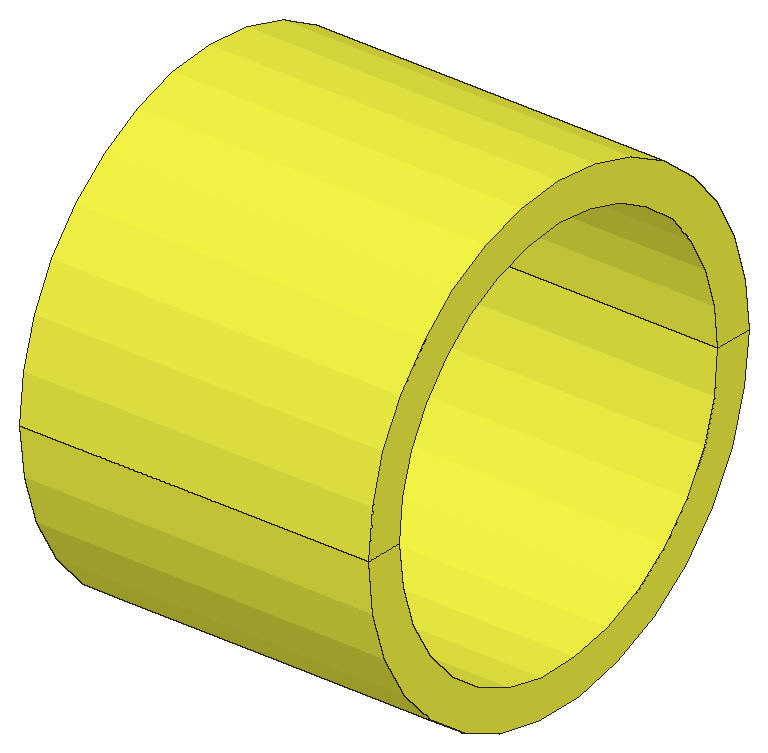
Revit family "Фитинг_Weser_Гильза монтажная, латунь", category Соединительные детали трубопроводов, Revit 2020
Family settings
  Размер круглого соединителя = Использовать диаметр
  Тип детали = Соединение
  Номер OmniClass = 23.60.30.11
  Заголовок OmniClass = Pipework Products for General Use
  На основе рабочей плоскости = Нет
  Всегда вертикально = Да
  При загрузке вырезать с полостями = Нет
  Общий = Нет
Parameters (values of type "Желтая")
  Радиус Внутренний [instance] = size_lookup(Поиск в таблице имен, "Rv", ADSK_Диаметр условный / 1.9, ADSK_Диаметр условный)  # 10.3 mm
  Поиск в таблице имен 2 = "Фитинг_Weser_Гильза_монтажная_латунь(Код)"
  Отметка по умолчанию = 0 mm
  Материал = Металл желтый
  Видимость [instance] = yes
  URL = "https://www.weser.ru/about/documentation/"
  Type Image = (empty or 0)
  Manufacturer = ""
  Поиск в таблице имен = "Фитинг_Weser_Гильза_монтажная_латунь(Наименование)"
  Длина [instance] = size_lookup(Поиск в таблице имен, "Length", ADSK_Диаметр условный, ADSK_Диаметр условный)  # 18 mm
  Радиус Наружный [instance] = size_lookup(Поиск в таблице имен, "Rn", ADSK_Диаметр условный / 1.5, ADSK_Диаметр условный)  # 12.25 mm
  Description = ""
  ADSK_Примечание [instance] = ""
  ADSK_Наименование краткое = ""
  ADSK_Наименование [instance] = size_lookup(Поиск в таблице имен, "", "Решение не найдено", ADSK_Диаметр условный)  # "Гильза монтажная DN20"
  ADSK_Масса_Текст [instance] = ""
  ADSK_Марка = ""
  ADSK_Код изделия [instance] = size_lookup(Поиск в таблице имен 2, "", "Решение не найдено", ADSK_Диаметр условный)  # "520030"
  ADSK_Завод-изготовитель = ""
  ADSK_Единица измерения = "шт."  # constant formula
  ADSK_Диаметр условный [instance] = 20 mm
  ADSK_Группирование [instance] = ""
  ADSK_URL страницы изделия [instance] = ""
  ADSK_URL документации изделия [instance] = ""
Reference planes
  plane 1 "Center (Front/Back)": y = 0
  plane 2: z = 0
  plane 3 "Center (Left/Right)": x = 0
  plane 4: x = 18
  plane 5: y = 12.25
  plane 6: y = 50
  plane 7: y = 10.3
  plane 8: x = 5
Forms (mm)
  Revolve 1, solid, material "Металл желтый" <- "Материал", visible <- "Видимость", detail levels fine
    sketch origin (0, 0, 0) x (1, 0, 0) y (0, 1, 0)
      loop
        line (0, 10.3) -> (18, 10.3) -> (18, 12.25) -> (0, 12.25) -> (0, 10.3)
      axis (18, 0) -> (0, 0)
    angle from 0 to 360
Lines and regions (mm)
  reference lines
    curve 1: line (0, 0, 0) -> (18, 0, 0)
Dimensions and locks
  "Длина": plane 3 "Center (Left/Right)" to plane 4
  "Радиус Наружный": plane 5 to plane 1 "Center (Front/Back)"
  locked: plane 6 to plane 1 "Center (Front/Back)" at 50
  "Радиус Внутренний": plane 7 to plane 1 "Center (Front/Back)"
  locked: plane 3 "Center (Left/Right)" to plane 8 at 5
  aligned and locked: level to plane 2
  aligned and locked: plane 4 to curve 1
  aligned and locked: plane 3 "Center (Left/Right)" to curve 1
  aligned and locked: plane 1 "Center (Front/Back)" to curve 1
  aligned and locked: plane 4 to Revolve 1 sketch curve
  aligned and locked: Revolve 1 sketch curve to plane 5
  aligned and locked: plane 3 "Center (Left/Right)" to Revolve 1 sketch curve
  aligned and locked: Revolve 1 sketch curve to plane 7
Automatic sketch dimensions
  plane 1 "Center (Front/Back)" to Revolve 1 sketch curve = 0 mm
  Revolve 1 sketch curve to plane 3 "Center (Left/Right)" = 78.702 mm
  plane 4 to Revolve 1 sketch curve = 90.298 mm
